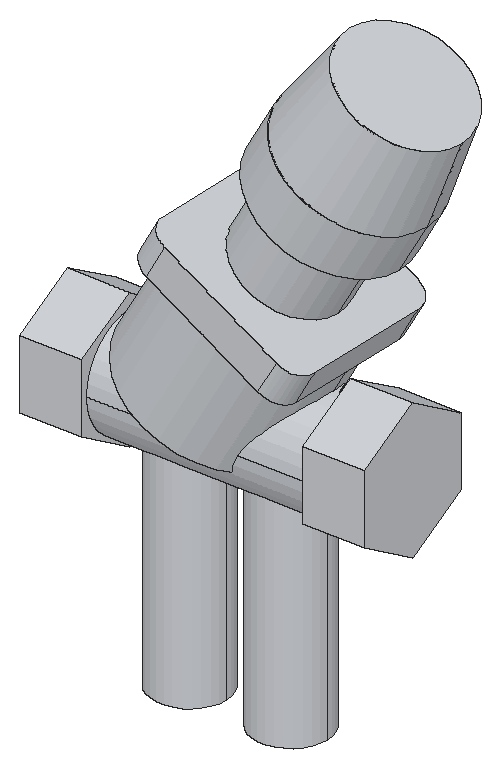
Revit family "OPTIMA_Compact_Plus_FF_DN15_2,5_RFA_2018", category Pipe Accessories, Revit 2018
Family settings
  Round Connector Dimension = Use Diameter
  Part Type = Valve - Breaks Into
  Work Plane-Based = No
  Always vertical = Yes
  Cut with Voids When Loaded = No
  Shared = No
Parameters (values of type "OPTIMA Compact Plus DN15 F-F 2.5mm")
  magiProductId = "89b348523dca4fefb6c7ae521abddd"
  magiProductFamilyId = "01be67634ee84b2d9a1468c78c5465"
  magiPartTypeId = 304
  isMeasuringValve [instance] = no
  ang2D [instance] = 0.00°
  Z = 0 mm
  X = 7 mm
  W2D = 32 mm
  VersionID = "2.0/2018.8.28.1/FRESE_OPTIMA-COMPACT-FF_001"
  Use Minimum Symbol Size [instance] = yes
  URL = "www.hydronic.cz"
  Type Comments = "vnitřní závit; PN25; 0~120°C, s měřením"
  R9 = 8 mm
  R8 = 14 mm
  R7 = 17 mm
  R6 = 12 mm
  R5 = 5 mm
  R4 = 19 mm
  R3 = 19 mm
  R2 = 12 mm
  R1 = 15 mm
  QmdConnectorList = "301;D;302;D"
  Productdata [instance] = ""
  PLG0 = yes
  Manufacturer = "Hydronic Systems Prague s.r.o."
  MC Product Code = "53-1364  (1/2\" F-F; 2.5mm; Qmin-dpmin 100l/h-14.9kPa; Qmax-dpmin 575l/h-18.5kPa; dpmax 800kPa)"
  MC Piping Given Pressure Drop [instance] = 0.0 Pa
  LL = 37.5 mm
  L3 = 11 mm
  L2D_Min = 3048 mm
  L2D = 104 mm
  L2 = 48 mm
  L1__ve = -L1  # -13.5 mm
  L1 = 13.5 mm
  H6__ve = -H6  # -57 mm
  H6 = 57 mm
  H5 = 20 mm
  H4 = 12 mm
  H3 = 18 mm
  H2 = 8 mm
  H1 = 26 mm
  Description = "Tlakově nezávislý 2-cestný regulační vyvažovací ventil (PICV)"
  D = 15 mm
  CenSd_R1_6 = R1 * cos(30.00°)  # 12.99 mm
  A = 30.00°
Types (6, lengths in mm): name | magiProductId | Z | X | R4 | R3 | R2 | R1 | MC Product Code | LL | L3 | L2 | L1__ve | L1 | H6__ve | H6 | H3 | H2 | H1 | D | CenSd_R1_6
  OPTIMA Compact Plus DN32 F-F 5.5mm | "df1c00d195034ef0b1ec6dc57a3080" | 1 | 13 | 29 | 31.5 | 22 | 26 | "53-1374  (5/4\" F-F; 5.5mm; Qmin-dpmin 550l/h-17.9kPa; Qmax-dpmin 4001l/h-28.0kPa; dpmax 800kPa)" | 52 | 12.5 | 66.56 | -18.72 | 18.72 | -68 | 68 | 16 | 10 | 46 | 32 | 22.517
  OPTIMA Compact Plus DN15 F-F 2.5mm | "89b348523dca4fefb6c7ae521abddd" | 0 | 7 | 19 | 19 | 12 | 15 | "53-1364  (1/2\" F-F; 2.5mm; Qmin-dpmin 100l/h-14.9kPa; Qmax-dpmin 575l/h-18.5kPa; dpmax 800kPa)" | 37.5 | 11 | 48 | -13.5 | 13.5 | -57 | 57 | 18 | 8 | 26 | 15 | 12.99
  OPTIMA Compact Plus DN15 F-F 5.0mm | "2e6505697e744e01b0ad9c2d669662" | 0 | 7 | 19 | 19 | 12 | 15 | "53-1365  (1/2\" F-F; 5.0mm; Qmin-dpmin 220l/h-16.0kPa; Qmax-dpmin 1330l/h-21.6kPa; dpmax 800kPa)" | 37.5 | 11 | 48 | -13.5 | 13.5 | -57 | 57 | 18 | 8 | 26 | 15 | 12.99
  OPTIMA Compact Plus DN20 F-F 5.0mm | "3b063aaad6f44e8dbcb4679e4a622e" | 0 | 10 | 19 | 19 | 13.5 | 17.5 | "53-1368  (3/4\" F-F; 5.0mm; Qmin-dpmin 220l/h-16.0kPa; Qmax-dpmin 1330l/h-21.6kPa; dpmax 800kPa)" | 39.5 | 11 | 50.56 | -14.22 | 14.22 | -59.5 | 59.5 | 18 | 8 | 26 | 20 | 15.155
  OPTIMA Compact Plus DN20 F-F 5.5mm | "6f2e419bcadf4dd2a9ff6e694a03fa" | 0 | 10 | 19 | 19 | 13.5 | 17.5 | "53-1338  (3/4\" F-F; 5.5mm; Qmin-dpmin 300l/h-17.8kPa; Qmax-dpmin 1800l/h-40.0kPa; dpmax 800kPa)" | 39.5 | 11 | 50.56 | -14.22 | 14.22 | -59.5 | 59.5 | 18 | 8 | 26 | 20 | 15.155
  OPTIMA Compact Plus DN25 F-F 5.5mm | "d9f644dbdce8417aa9c852cd9f0b5f" | 0 | 13 | 29 | 31.5 | 18.5 | 22 | "53-1373  (1\" F-F; 5.5mm; Qmin-dpmin 600l/h-17.3kPa; Qmax-dpmin 3609l/h-23.0kPa; dpmax 800kPa)" | 50 | 12.5 | 64 | -18 | 18 | -64 | 64 | 16 | 10 | 43 | 25 | 19.053
Reference planes
  plane 1 "Center (Front/Back)": y = 0
  plane 2 "XYPLANE": z = 0
  plane 3 "Center (Left/Right)": x = 0
  plane 4 "267": x = 11
  plane 5 "266": x = -11
  plane 6 "252": through (-607.519, 0, 447.746) normal (0.5, 0, 0.866)
  plane 7 "250": through (-617.519, 0, 430.426) normal (0.5, 0, 0.866)
  plane 8 "248": through (-623.519, 0, 420.033) normal (0.5, 0, 0.866)
  plane 9 "245": through (-632.519, 0, 404.445) normal (0.5, 0, 0.866)
  plane 10 "241": through (352.483, 0, 662.519) normal (0.866, 0, -0.5)
  plane 11 "240": through (385.392, 0, 643.519) normal (0.866, 0, -0.5)
  plane 12 "239": y = -19
  plane 13 "238": y = 19
  plane 14 "237": through (-636.519, 0, 397.517) normal (0.5, 0, 0.866)
  plane 15 "235": through (-649.519, 0, 375) normal (0.5, 0, 0.866)
  plane 16 "231": y = 0
  plane 17 "230": through (368.938, 0, 653.019) normal (0.866, 0, -0.5)
  plane 18 "211": x = -24
  plane 19 "204": x = 37.5
  plane 20 "203": x = -37.5
  plane 21 "202": x = 0
  plane 22 "201": z = 0
  plane 23 "200": y = 0
  plane 24 "227XY": through (-649.519, 0, 375) normal (0.5, 0, 0.866)
  plane 25 "227XZ": y = 0
  plane 26 "227YZ": through (375, 0, 649.519) normal (0.866, 0, -0.5)
Forms (mm)
  Extrusion 1, solid
    sketch origin (37.5, -750, 0) x (0, 1, 0) y (0, 0, 1)
      loop
        line (750, 15) -> (737.01, 7.5) -> (737.01, -7.5) -> (750, -15) -> (762.99, -7.5) -> (762.99, 7.5) -> (750, 15)
    from 0 to -13.5 <- "L1__ve"
  Extrusion 2, solid
    sketch origin (-37.5, -750, 0) x (0, 1, 0) y (0, 0, 1)
      loop
        line (750, 15) -> (737.01, 7.5) -> (737.01, -7.5) -> (750, -15) -> (762.99, -7.5) -> (762.99, 7.5) -> (750, 15)
    from 0 to 13.5 <- "L1"
  Extrusion 3, solid, visible <- "PLG0"
    sketch origin (-750, 0, 0) x (1, 0, 0) y (0, 1, 0)
      loop
        circle (761, 0) r 8
    from 0 to -57 <- "H6__ve"
  Extrusion 4, solid, visible <- "PLG0"
    sketch origin (-750, 0, 0) x (1, 0, 0) y (0, 1, 0)
      loop
        circle (739, 0) r 8
    from 0 to -57 <- "H6__ve"
  Blend 5, solid
    base sketch origin (-617.519, 0, 430.426) x (0.866025, 0, -0.5) y (0, 1, 0)
      loop
        circle (743, 0) r 17
    top sketch origin (-617.519, 0, 430.426) x (0.866025, 0, -0.5) y (0, 1, 0)
      loop
        circle (743, 0) r 14
    from 0 to 20
  Extrusion 6, solid
    sketch origin (-623.519, 0, 420.033) x (0.866025, 0, -0.5) y (0, 1, 0)
      loop
        circle (743, 0) r 17
    from 0 to 12 <- "H4"
  Extrusion 7, solid
    sketch origin (-632.519, 0, 404.445) x (0.866025, 0, -0.5) y (0, 1, 0)
      loop
        circle (743, 0) r 12
    from 0 to 18 <- "H3"
  Extrusion 8, solid
    sketch origin (-636.519, 0, 397.517) x (0.866025, 0, -0.5) y (0, 1, 0)
      loop
        arc (729, 19) -> (725.464, 17.536) -> (724, 14) r 5
        line (724, 14) -> (724, -14)
        arc (724, -14) -> (725.464, -17.536) -> (729, -19) r 5
        line (729, -19) -> (757, -19)
        arc (757, -19) -> (760.536, -17.536) -> (762, -14) r 5
        line (762, -14) -> (762, 14)
        arc (762, 14) -> (760.536, 17.536) -> (757, 19) r 5
        line (757, 19) -> (729, 19)
    from 0 to 8 <- "H2"
  Extrusion 9, solid
    sketch origin (-649.519, 0, 375) x (0.866025, 0, -0.5) y (0, 1, 0)
      loop
        circle (743, 0) r 19
    from 0 to 26 <- "H1"
  Extrusion 10, solid
    sketch origin (-24, -750, 0) x (0, 1, 0) y (0, 0, 1)
      loop
        circle (750, 0) r 12
    from 0 to 48 <- "L2"
  Extrusion 11, solid, not visible
    sketch origin (37.5, -750, 0) x (0, 1, 0) y (0, 0, 1)
      loop
        circle (750, 0) r 10
    from 0 to -10
  Extrusion 12, solid, not visible
    sketch origin (-37.5, -750, 0) x (0, 1, 0) y (0, 0, 1)
      loop
        circle (750, 0) r 10
    from 0 to 10
Lines and regions (mm)
  reference lines, not visible
    curve 1: circle (2, 2, 0) r 1 normal (0, 0, 1)
  reference lines
    curve 2: line (37.5, 0, 0) -> (37.5, -11.258, -6.5)
    curve 3: line (37.5, 0, 0) -> (37.5, 0, -13)
    curve 4: line (37.5, 0, 0) -> (37.5, 11.258, -6.5)
    curve 5: line (-37.5, 0, 0) -> (-37.5, 11.258, -6.5)
    curve 6: line (-37.5, 0, 0) -> (-37.5, 0, -13)
    curve 7: line (-37.5, 0, 0) -> (-37.5, -11.258, -6.5)
Dimensions and locks
  plane 1 "Center (Front/Back)" to curve 1 = 2 mm
  "L3": plane 3 "Center (Left/Right)" to plane 4 "267"
  "L3": plane 3 "Center (Left/Right)" to plane 5 "266"
  "H5": plane 7 "250" to plane 6 "252"
  "H4": plane 8 "248" to plane 7 "250"
  "H3": plane 9 "245" to plane 8 "248"
  "H2": plane 14 "237" to plane 9 "245"
  "R4": plane 17 "230" to plane 10 "241"
  "R4": plane 17 "230" to plane 11 "240"
  "R4": plane 23 "200" to plane 12 "239"
  "R4": plane 23 "200" to plane 13 "238"
  "H1": plane 15 "235" to plane 14 "237"
  "Z": plane 24 "227XY" to plane 15 "235"
  locked: plane 23 "200" to plane 16 "231"
  "X": plane 26 "227YZ" to plane 17 "230"
  "L1": plane 20 "203" to plane 18 "211"
  "LL": plane 3 "Center (Left/Right)" to plane 19 "204"
  "LL": plane 3 "Center (Left/Right)" to plane 20 "203"
  locked: plane 3 "Center (Left/Right)" to plane 21 "202"
  locked: plane 2 "XYPLANE" to plane 22 "201"
  locked: plane 1 "Center (Front/Back)" to plane 23 "200"
  "CenSd_R1_6": curve 2 to Extrusion 1 sketch curve  (x2)
  "CenSd_R1_6": curve 3 to Extrusion 1 sketch curve  (x2)
  "CenSd_R1_6": curve 4 to Extrusion 1 sketch curve  (x2)
  Extrusion 1 sketch curve to Extrusion 1 sketch curve = 0 mm  (x12)
  "CenSd_R1_6": curve 5 to Extrusion 2 sketch curve  (x2)
  "CenSd_R1_6": curve 6 to Extrusion 2 sketch curve  (x2)
  "CenSd_R1_6": curve 7 to Extrusion 2 sketch curve  (x2)
  Extrusion 2 sketch curve to Extrusion 2 sketch curve = 0 mm  (x12)
  Extrusion 8 sketch curve to Extrusion 8 sketch curve = 0 mm  (x16)
  "R9": radius of Extrusion 3 sketch curve
  "R9": radius of Extrusion 4 sketch curve
  "R8": radius of Blend 5 sketch curve
  "R7": radius of Blend 5 sketch curve
  "R7": radius of Extrusion 6 sketch curve
  "R6": radius of Extrusion 7 sketch curve
  "R5": radius of Extrusion 8 sketch curve  (x4)
  "R3": radius of Extrusion 9 sketch curve
  "R2": radius of Extrusion 10 sketch curve
  locked: curve 3 to curve 2 (angle 60.00°)
  locked: curve 4 to curve 3 (angle 60.00°)
  locked: curve 4 to curve 2 (angle 120.00°)
  locked: curve 6 to curve 5 (angle 60.00°)
  locked: curve 7 to curve 6 (angle 60.00°)
  locked: curve 7 to curve 5 (angle 120.00°)
  aligned and locked: level to plane 2 "XYPLANE"
  aligned and locked: plane 22 "201" to curve 4
  aligned and locked: curve 4 to plane 23 "200"
  aligned and locked: plane 22 "201" to curve 7
  aligned and locked: curve 7 to plane 23 "200"
  aligned and locked: plane 4 "267" to Extrusion 3 sketch curve
  aligned and locked: plane 23 "200" to Extrusion 3 sketch curve
  aligned and locked: plane 5 "266" to Extrusion 4 sketch curve
  aligned and locked: plane 23 "200" to Extrusion 4 sketch curve
  aligned and locked: plane 16 "231" to Blend 5 sketch curve  (x2)
  aligned and locked: Blend 5 sketch curve to plane 17 "230"  (x2)
  aligned and locked: plane 6 "252" to Blend 5
  aligned and locked: plane 16 "231" to Extrusion 6 sketch curve
  aligned and locked: Extrusion 6 sketch curve to plane 17 "230"
  aligned and locked: plane 16 "231" to Extrusion 7 sketch curve
  aligned and locked: Extrusion 7 sketch curve to plane 17 "230"
  aligned and locked: Extrusion 8 sketch curve to plane 10 "241"
  aligned and locked: Extrusion 8 sketch curve to plane 12 "239"
  aligned and locked: Extrusion 8 sketch curve to plane 11 "240"
  aligned and locked: plane 13 "238" to Extrusion 8 sketch curve
  aligned and locked: plane 16 "231" to Extrusion 9 sketch curve
  aligned and locked: Extrusion 9 sketch curve to plane 17 "230"
  aligned and locked: plane 22 "201" to Extrusion 10 sketch curve
  aligned and locked: Extrusion 10 sketch curve to plane 23 "200"
  aligned and locked: plane 22 "201" to Extrusion 11 sketch curve
  aligned and locked: Extrusion 11 sketch curve to plane 23 "200"
  aligned and locked: plane 22 "201" to Extrusion 12 sketch curve
  aligned and locked: Extrusion 12 sketch curve to plane 23 "200"
Automatic sketch dimensions
  plane 1 "Center (Front/Back)" to Extrusion 11 sketch curve = 10 mm
  plane 1 "Center (Front/Back)" to Extrusion 12 sketch curve = 10 mm
  plane 3 "Center (Left/Right)" to curve 1 = 2 mm
  radius of curve 1 = 1 mm
Connectors
  piping at (-37.5, 0, 0), diameter 15, driven by "D"
    settings: on Extrusion 12, index 1, connector inside diameter 609.6 mm, connector length 0 mm, flow factor 0, pipe flow 0.0 L/s, pressure drop 0.0 Pa, fitting loss kfactor 0, connector angle 0.00°, fixture units 0, engagement length 0 mm, angle of deflection 0.00°, flow configuration 0, flow direction 0, fitting loss method 0, system type 29, joint type 0, gender type 0, connector reference index 2, connector utility 0, adjustable connector no, is connector primary yes, connector description ""
  piping at (37.5, 0, 0), diameter 15, driven by "D"
    settings: on Extrusion 11, index 2, connector inside diameter 609.6 mm, connector length 0 mm, flow factor 0, pipe flow 0.0 L/s, pressure drop 0.0 Pa, fitting loss kfactor 0, connector angle 0.00°, fixture units 0, engagement length 0 mm, angle of deflection 0.00°, flow configuration 0, flow direction 0, fitting loss method 0, system type 29, joint type 0, gender type 0, connector reference index 1, connector utility 0, adjustable connector no, is connector primary no, connector description ""
